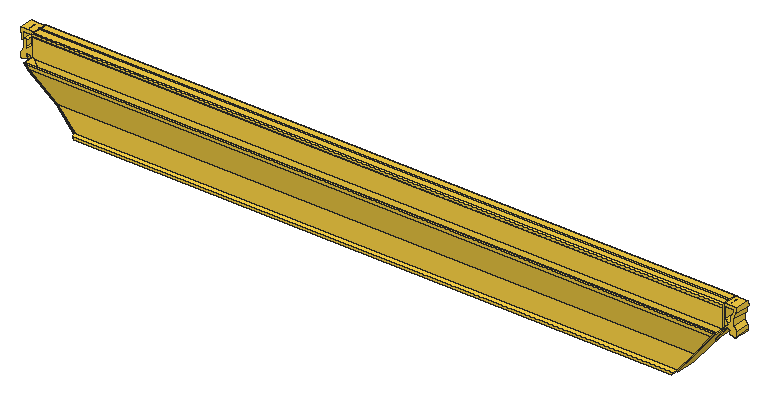
Revit family "CC4_BEAM CC 2.32_1870029", category Generic Models, Revit 2018
Family settings
  Can host rebar = No
  Round Connector Dimension = Use Diameter
  Part Type = Normal
  OmniClass Number = 35.51.14.00
  OmniClass Title = FORMWORK
  Work Plane-Based = Yes
  Always vertical = No
  Cut with Voids When Loaded = No
  Shared = Yes
  Room Calculation Point = No
Parameters
  VERSION = "20190101"  # constant formula
  URL = "www.ulmaconstruction.com/en"
  UNICLASS = ""
  ITEM_CODE = "1870029"
  Manufacturer = "ULMA CONSTRUCTION"  # constant formula
  FILTER [instance] = ""
  Default Elevation = 0.000 mm
  CLASSIFICATION_TITLE = ""
  CLASSIFICATION_NUMBER = ""
Reference planes
  plane 1 "Centro (Frontal/Posterior)": y = 0
  plane 2: z = 0
  plane 3 "Centro (Izquierda/Derecha)": x = 0
  plane 4 "ITEM_LENGTH": x = -2320
Forms (mm)
  Extrusion 1, solid, material "ULMA YELLOW", detail levels fine
    sketch origin (0, 0, 0) x (0, 1, 0) y (0, 0, 1)
      loop
        line (-24.3, -35) -> (-27.3, -36.732) -> (-27.154, -45.115) -> (-24.75, -47) -> (-24.75, -107.9) -> (-27.766, -123.628) -> (-52.5, -117) -> (-55.354, -106.348) -> (-58.219, -106.348) -> (-56.183, -121.814) -> (-32.5, -203.9) -> (-32.5, -267.5) -> (-44, -271.5) -> (-44, -278.5) -> (-29, -278.5) -> (-29, -272) -> (29, -272) -> (29, -278.5) -> (44, -278.5) -> (44, -271.5) -> (32.5, -267.5) -> (32.5, -203.9) -> (56.183, -121.814) -> (58.219, -106.348) -> (55.354, -106.348) -> (52.5, -117) -> (27.766, -123.628) -> (24.75, -107.9) -> (24.75, -47) -> (27.154, -45.115) -> (27.3, -36.732) -> (24.3, -35) -> (1.75, -35) -> (0.595, -33) -> (-0.595, -33) -> (-1.75, -35) -> (-24.3, -35)
    from -2250 to -70
  Extrusion 2, void
    sketch origin (0, 0, 0) x (1, 0, 0) y (0, 0, 1)
      loop
        line (-70, -104.6) -> (-215.919, -278.5) -> (-215.919, -283.5) -> (-65, -283.5) -> (-65, -104.6) -> (-70, -104.6)
    from -70 to 70
  Extrusion 3, void
    sketch origin (-2320, 0, 0) x (-1, 0, 0) y (0, 0, -1)
      loop
        line (-70, 104.6) -> (-65, 104.6) -> (-65, 283.5) -> (-215.919, 283.5) -> (-215.919, 278.5) -> (-70, 104.6)
    from -70 to 70
  Extrusion 4, solid, material "ULMA YELLOW", detail levels fine
    sketch origin (0, 0, 0) x (1, 0, 0) y (0, 0, 1)
      loop
        line (-70, -35) -> (-70, -105.39) -> (-67.325, -107.635) -> (-99.143, -145.554) -> (-96.1, -148.107) -> (-58.251, -103) -> (-50.936, -103)
        arc (-50.936, -103) -> (-48.72, -104.342) -> (-48.882, -106.927) r 2.5
        arc (-48.882, -106.927) -> (-50.095, -108.942) -> (-51.035, -111.098) r 18.004
        line (-51.035, -111.098) -> (-51.035, -116.25) -> (-35.471, -120.421)
        arc (-35.471, -120.421) -> (-32, -119.73) -> (-30.435, -116.557) r 4
        line (-30.435, -116.557) -> (-30.435, -103.424) -> (-40.1, -88.542) -> (-40.1, -67.984) -> (-34.1, -65.8) -> (-32.1, -48.8) -> (-28.132, -46.95) -> (-28.341, -35) -> (-70, -35)
      loop
        line (-65, -76.1) -> (-56.1, -85) -> (-51.1, -85)
        arc (-51.1, -85) -> (-48.272, -83.828) -> (-47.1, -81) r 4
        line (-47.1, -81) -> (-47.1, -63.082) -> (-40.548, -60.698) -> (-38.874, -46.467)
        arc (-38.874, -46.467) -> (-39.857, -43.342) -> (-42.846, -42) r 4
        line (-42.846, -42) -> (-61, -42)
        arc (-61, -42) -> (-63.828, -43.172) -> (-65, -46) r 4
        line (-65, -46) -> (-65, -76.1)
    from -22 to 22
  Extrusion 5, solid, material "ULMA YELLOW", detail levels fine
    sketch origin (-2320, 0, 0) x (-1, 0, 0) y (0, 0, -1)
      loop
        line (-70, 35) -> (-28.341, 35) -> (-28.132, 46.95) -> (-32.1, 48.8) -> (-34.1, 65.8) -> (-40.1, 67.984) -> (-40.1, 88.542) -> (-30.435, 103.424) -> (-30.435, 116.557)
        arc (-30.435, 116.557) -> (-32, 119.73) -> (-35.471, 120.421) r 4
        line (-35.471, 120.421) -> (-51.035, 116.25) -> (-51.035, 111.098)
        arc (-51.035, 111.098) -> (-50.095, 108.942) -> (-48.882, 106.927) r 18.004
        arc (-48.882, 106.927) -> (-48.72, 104.342) -> (-50.936, 103) r 2.5
        line (-50.936, 103) -> (-58.251, 103) -> (-96.1, 148.107) -> (-99.143, 145.554) -> (-67.325, 107.635) -> (-70, 105.39) -> (-70, 35)
      loop
        line (-65, 76.1) -> (-65, 46)
        arc (-65, 46) -> (-63.828, 43.172) -> (-61, 42) r 4
        line (-61, 42) -> (-42.846, 42)
        arc (-42.846, 42) -> (-39.857, 43.342) -> (-38.874, 46.467) r 4
        line (-38.874, 46.467) -> (-40.548, 60.698) -> (-47.1, 63.082) -> (-47.1, 81)
        arc (-47.1, 81) -> (-48.272, 83.828) -> (-51.1, 85) r 4
        line (-51.1, 85) -> (-56.1, 85) -> (-65, 76.1)
    from -22 to 22
  Extrusion 6, solid, material "ULMA YELLOW", detail levels fine
    sketch origin (-159.094, 0, -210.778) x (-0.642788, 0, -0.766044) y (0, 1, 0)
      loop
        line (-8.978, -32.5) -> (79.92, -32.5) -> (79.92, 32.5) -> (-8.978, 32.5) -> (-116.134, 56.183) -> (-138, 58.389) -> (-138, -58.389) -> (-116.134, -56.183) -> (-8.978, -32.5)
    from 0 to 4
  Extrusion 7, solid, material "ULMA YELLOW", detail levels fine
    sketch origin (-2250, 0, -104.6) x (0.642788, 0, -0.766044) y (0, -1, 0)
      loop
        line (129.627, -32.5) -> (218.525, -32.5) -> (218.525, 32.5) -> (129.627, 32.5) -> (22.471, 56.183) -> (0.605, 58.389) -> (0.605, -58.389) -> (22.471, -56.183) -> (129.627, -32.5)
    from 0 to 4
  Extrusion 8, solid, material "ULMA YELLOW", detail levels medium
    sketch origin (0, 0, 0) x (1, 0, 0) y (0, 1, 0)
      loop
        line (-2252.675, 58.389) -> (-2252.675, -58.389) -> (-67.325, -58.389) -> (-67.325, 58.389) -> (-2252.675, 58.389)
    from -278.5 to -35
  Extrusion 9, solid, material "ULMA YELLOW", detail levels medium
    sketch origin (0, 0, 0) x (1, 0, 0) y (0, 0, 1)
      loop
        line (-2252.675, -104.6) -> (-2252.675, -35) -> (-2285, -35) -> (-2285, -104.6) -> (-2252.675, -104.6)
    from -22 to 22
  Extrusion 10, solid, material "ULMA YELLOW", detail levels medium
    sketch origin (-2320, 0, 0) x (-1, 0, 0) y (0, 0, -1)
      loop
        line (-2252.675, 104.6) -> (-2285, 104.6) -> (-2285, 35) -> (-2252.675, 35) -> (-2252.675, 104.6)
    from -22 to 22
Cuts and joins
  Extrusion 2, Extrusion 3 cuts Extrusion 1
  Extrusion 2, Extrusion 3 cuts Extrusion 8
Lines and regions (mm)
  model lines, style "ULMA BEAM CC", detail levels coarse
    curve 1: line (-2230, 0, 0) -> (-90, 0, 0)
    curve 2: line (-1800, 58, 0) -> (-1650, 58, 0)
    curve 3: line (-1800, -58, 0) -> (-1650, -58, 0)
    curve 4: line (-670, 58, 0) -> (-520, 58, 0)
    curve 5: line (-670, -58, 0) -> (-520, -58, 0)
Dimensions and locks
  Extrusion 3 sketch curve to Extrusion 3 sketch curve = 150.919 mm
  locked: Extrusion 3 sketch curve to Extrusion 3 sketch curve at 5
  level to Extrusion 3 sketch curve to Extrusion 3 sketch curve = 104.600 mm locked, 178.900 mm locked
  locked: plane 3 "Centro (Izquierda/Derecha)" to plane 4 "ITEM_LENGTH" at 2320
  aligned and locked: level to plane 2
  aligned and locked: Extrusion 7 to Extrusion 5
  aligned and locked: Extrusion 9 to cut or joined group of Extrusion 2, Extrusion 3, Extrusion 8
